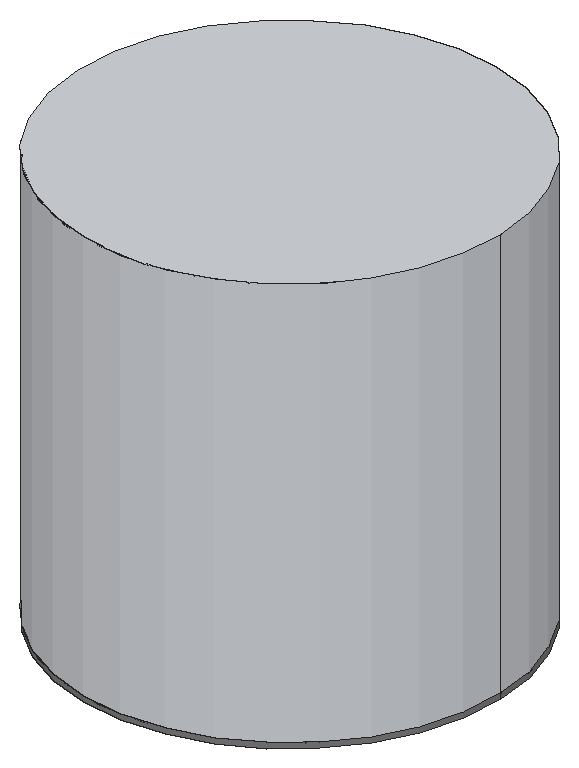
Revit family "Recessed Downlight Face Based", category Lighting Fixtures, Revit 2019 (continued)
Types (12, lengths in mm): name | Wattage | Type Comments | built-in parameter 1114217 | Photometric Web File | PRL_LTGSchedule_Output | PRL_LTGSchedule_Manufacturer | PRL_LTGSchedule_Lifetime | PRL_LTGSchedule_Installation | PRL_LTGSchedule_Description | PRL_LTGSchedule_Control | PRL_LTGSchedule_CatNo | PRL_LTGSchedule_CCT | PRL_LTGSchedule_Accessories | built-in parameter 1150142 | Manufacturer | Lumens | built-in parameter 1150105 | built-in parameter 1150106 | Description
  D3.2 Panos Infinity 32W Gib | 17.6516 W | "D3.2" | 0.8 (stored number, unit not read) | "DOT9738C-30-A930.IES" | "" | "" | "" | "" | "" | "" | "" | "" | "" | "IESNA:LM-63-2002\r\n[TEST] Test report No. LL17053\r\n[TESTLAB] LightLab International \r\n[ISSUEDATE] Monday, 21 October 2013 1:37:49 PM\r\n[MANUFAC] Nimbus Lighting Group Ltd.,\r\n[MORE] Auckland. 1061. New Zealand.\r\n[LUMCAT] DOT9738C/30/A930.\r\n[LUMINAIRE] Nimbus Lighting LED Downlight. \r\n[MORE] Aluminium radially finned heat sink, 137 mm dia. x 80 mm deep, black finish.\r\n[MORE] White fascia with twist-lock ceiling plate, connected to heat sink by two black plastic arms.\r\n[MORE] One “CREE CXA” LED 92 mm above L/O of 120 mm. Wide-beam multi-faceted textured reflector.\r\n[MORE] One Remote Tridonic LCI 20W 350mA TEC SR LED driver 220-240 V 50/60 Hz.\r\n[MORE] Tested at 240 V / 50 Hz.\r\n[OTHER] Absolute test - lamp lumens value set to -1\r\n[MORE] NA conventions used for C0 plane alignment and C-plane rotation direction.\r\n[MORE] The sample was tested at a distance of 8m.\r\n[MORE] This IES file created by LightLab/LSA Report program version 3.803a.\r\nTILT=NONE\r\n1 -1 1 91 1 1 2 -0.12 -0.12 0\r\n1 1 13.583\r\n0 1 2 3 4 5 6 7 8 9 10 11 12 13 14 15 16 17 18 19 20 21 22 23 24 25 26 27 28 29 30 31 32 33 34 35 36 37 38 39 40 41 42 43 44 45 46 47 48 49 50 51 52 53 54 55 56 57 58 59 60 61 62 63 64 65 66 67 68 69 70 71 72 73 74 75 76 77 78 79 80 81 82 83 84 85 86 87 \r\n88 89 90\r\n0\r\n739.50 738.70 736.06 731.60 726.24 719.96 712.76 705.71 699.03 692.71 687.07 682.46 678.74 676.13 674.46 673.15 672.47 672.03 671.54 670.36 669.31 669.87 671.53 673.94 676.34 678.93 681.58 683.95 684.60 677.56 652.42 610.91 567.60 514.93 469.64 420.97 \r\n374.03 339.48 321.17 313.96 305.73 288.72 272.91 260.34 246.91 233.20 218.55 202.73 186.27 170.43 153.95 139.68 122.85 107.42 90.21 71.68 55.81 41.44 31.18 24.13 18.46 15.01 12.45 10.72 9.31 8.30 7.42 6.85 6.22 5.81 5.44 5.18 4.89 4.70 4.51 4.26 3.99 3.99\r\n 3.85 3.74 3.74 3.58 3.57 3.44 3.22 3.03 2.67 2.47 1.93 0.66 0.00\r\n" | "C" | 2622 lm | 208.65 (stored number, unit not read) | 2.0865 (stored number, unit not read) | ""
  D2.2 Panos Infinity 16W Gib | 13.0603 W | "D2.2" | 0.8 (stored number, unit not read) | "DOT9738C-30-A930.IES" | "16W LED\r\n1940 lm" | "Zumtobel" | "5 years" | "Recessed in Plaster/Gib Ceiling" | "Recessed 100mm deep down-light with white trim, CRI = 90+ LEDs, smooth optic, IP54 transparent attachment." | "Fixed output ECG" | "Panos Infinity\r\nE200 LG LED" | "4000K\r\nCRI=90+" | "" | "IESNA:LM-63-2002\r\n[TEST] Test report No. LL17053\r\n[TESTLAB] LightLab International \r\n[ISSUEDATE] Monday, 21 October 2013 1:37:49 PM\r\n[MANUFAC] Nimbus Lighting Group Ltd.,\r\n[MORE] Auckland. 1061. New Zealand.\r\n[LUMCAT] DOT9738C/30/A930.\r\n[LUMINAIRE] Nimbus Lighting LED Downlight. \r\n[MORE] Aluminium radially finned heat sink, 137 mm dia. x 80 mm deep, black finish.\r\n[MORE] White fascia with twist-lock ceiling plate, connected to heat sink by two black plastic arms.\r\n[MORE] One “CREE CXA” LED 92 mm above L/O of 120 mm. Wide-beam multi-faceted textured reflector.\r\n[MORE] One Remote Tridonic LCI 20W 350mA TEC SR LED driver 220-240 V 50/60 Hz.\r\n[MORE] Tested at 240 V / 50 Hz.\r\n[OTHER] Absolute test - lamp lumens value set to -1\r\n[MORE] NA conventions used for C0 plane alignment and C-plane rotation direction.\r\n[MORE] The sample was tested at a distance of 8m.\r\n[MORE] This IES file created by LightLab/LSA Report program version 3.803a.\r\nTILT=NONE\r\n1 -1 1 91 1 1 2 -0.12 -0.12 0\r\n1 1 13.583\r\n0 1 2 3 4 5 6 7 8 9 10 11 12 13 14 15 16 17 18 19 20 21 22 23 24 25 26 27 28 29 30 31 32 33 34 35 36 37 38 39 40 41 42 43 44 45 46 47 48 49 50 51 52 53 54 55 56 57 58 59 60 61 62 63 64 65 66 67 68 69 70 71 72 73 74 75 76 77 78 79 80 81 82 83 84 85 86 87 \r\n88 89 90\r\n0\r\n739.50 738.70 736.06 731.60 726.24 719.96 712.76 705.71 699.03 692.71 687.07 682.46 678.74 676.13 674.46 673.15 672.47 672.03 671.54 670.36 669.31 669.87 671.53 673.94 676.34 678.93 681.58 683.95 684.60 677.56 652.42 610.91 567.60 514.93 469.64 420.97 \r\n374.03 339.48 321.17 313.96 305.73 288.72 272.91 260.34 246.91 233.20 218.55 202.73 186.27 170.43 153.95 139.68 122.85 107.42 90.21 71.68 55.81 41.44 31.18 24.13 18.46 15.01 12.45 10.72 9.31 8.30 7.42 6.85 6.22 5.81 5.44 5.18 4.89 4.70 4.51 4.26 3.99 3.99\r\n 3.85 3.74 3.74 3.58 3.57 3.44 3.22 3.03 2.67 2.47 1.93 0.66 0.00\r\n" | "" | 1940 lm | 154.38 (stored number, unit not read) | 1.5438 (stored number, unit not read) | ""
  D2.1 Panos Infinity 16W T-Rail | 13.0603 W | "D2.1" | 0.8 (stored number, unit not read) | "DOT9738C-30-A930.IES" | "" | "" | "" | "" | "" | "" | "" | "" | "" | "IESNA:LM-63-2002\r\n[TEST] Test report No. LL17053\r\n[TESTLAB] LightLab International \r\n[ISSUEDATE] Monday, 21 October 2013 1:37:49 PM\r\n[MANUFAC] Nimbus Lighting Group Ltd.,\r\n[MORE] Auckland. 1061. New Zealand.\r\n[LUMCAT] DOT9738C/30/A930.\r\n[LUMINAIRE] Nimbus Lighting LED Downlight. \r\n[MORE] Aluminium radially finned heat sink, 137 mm dia. x 80 mm deep, black finish.\r\n[MORE] White fascia with twist-lock ceiling plate, connected to heat sink by two black plastic arms.\r\n[MORE] One “CREE CXA” LED 92 mm above L/O of 120 mm. Wide-beam multi-faceted textured reflector.\r\n[MORE] One Remote Tridonic LCI 20W 350mA TEC SR LED driver 220-240 V 50/60 Hz.\r\n[MORE] Tested at 240 V / 50 Hz.\r\n[OTHER] Absolute test - lamp lumens value set to -1\r\n[MORE] NA conventions used for C0 plane alignment and C-plane rotation direction.\r\n[MORE] The sample was tested at a distance of 8m.\r\n[MORE] This IES file created by LightLab/LSA Report program version 3.803a.\r\nTILT=NONE\r\n1 -1 1 91 1 1 2 -0.12 -0.12 0\r\n1 1 13.583\r\n0 1 2 3 4 5 6 7 8 9 10 11 12 13 14 15 16 17 18 19 20 21 22 23 24 25 26 27 28 29 30 31 32 33 34 35 36 37 38 39 40 41 42 43 44 45 46 47 48 49 50 51 52 53 54 55 56 57 58 59 60 61 62 63 64 65 66 67 68 69 70 71 72 73 74 75 76 77 78 79 80 81 82 83 84 85 86 87 \r\n88 89 90\r\n0\r\n739.50 738.70 736.06 731.60 726.24 719.96 712.76 705.71 699.03 692.71 687.07 682.46 678.74 676.13 674.46 673.15 672.47 672.03 671.54 670.36 669.31 669.87 671.53 673.94 676.34 678.93 681.58 683.95 684.60 677.56 652.42 610.91 567.60 514.93 469.64 420.97 \r\n374.03 339.48 321.17 313.96 305.73 288.72 272.91 260.34 246.91 233.20 218.55 202.73 186.27 170.43 153.95 139.68 122.85 107.42 90.21 71.68 55.81 41.44 31.18 24.13 18.46 15.01 12.45 10.72 9.31 8.30 7.42 6.85 6.22 5.81 5.44 5.18 4.89 4.70 4.51 4.26 3.99 3.99\r\n 3.85 3.74 3.74 3.58 3.57 3.44 3.22 3.03 2.67 2.47 1.93 0.66 0.00\r\n" | "" | 1940 lm | 154.38 (stored number, unit not read) | 1.5438 (stored number, unit not read) | ""
  S2.5 Touch Maxi LED Ixpoint mount Black | 8.65749 W | "S2.5" | 0.95 (stored number, unit not read) | "DOT9738C-30-A930.IES" | "" | "" | "" | "" | "" | "" | "" | "" | "" | "IESNA:LM-63-2002\r\n[TEST] Test report No. LL17053\r\n[TESTLAB] LightLab International \r\n[ISSUEDATE] Monday, 21 October 2013 1:37:49 PM\r\n[MANUFAC] Nimbus Lighting Group Ltd.,\r\n[MORE] Auckland. 1061. New Zealand.\r\n[LUMCAT] DOT9738C/30/A930.\r\n[LUMINAIRE] Nimbus Lighting LED Downlight. \r\n[MORE] Aluminium radially finned heat sink, 137 mm dia. x 80 mm deep, black finish.\r\n[MORE] White fascia with twist-lock ceiling plate, connected to heat sink by two black plastic arms.\r\n[MORE] One “CREE CXA” LED 92 mm above L/O of 120 mm. Wide-beam multi-faceted textured reflector.\r\n[MORE] One Remote Tridonic LCI 20W 350mA TEC SR LED driver 220-240 V 50/60 Hz.\r\n[MORE] Tested at 240 V / 50 Hz.\r\n[OTHER] Absolute test - lamp lumens value set to -1\r\n[MORE] NA conventions used for C0 plane alignment and C-plane rotation direction.\r\n[MORE] The sample was tested at a distance of 8m.\r\n[MORE] This IES file created by LightLab/LSA Report program version 3.803a.\r\nTILT=NONE\r\n1 -1 1 91 1 1 2 -0.12 -0.12 0\r\n1 1 13.583\r\n0 1 2 3 4 5 6 7 8 9 10 11 12 13 14 15 16 17 18 19 20 21 22 23 24 25 26 27 28 29 30 31 32 33 34 35 36 37 38 39 40 41 42 43 44 45 46 47 48 49 50 51 52 53 54 55 56 57 58 59 60 61 62 63 64 65 66 67 68 69 70 71 72 73 74 75 76 77 78 79 80 81 82 83 84 85 86 87 \r\n88 89 90\r\n0\r\n739.50 738.70 736.06 731.60 726.24 719.96 712.76 705.71 699.03 692.71 687.07 682.46 678.74 676.13 674.46 673.15 672.47 672.03 671.54 670.36 669.31 669.87 671.53 673.94 676.34 678.93 681.58 683.95 684.60 677.56 652.42 610.91 567.60 514.93 469.64 420.97 \r\n374.03 339.48 321.17 313.96 305.73 288.72 272.91 260.34 246.91 233.20 218.55 202.73 186.27 170.43 153.95 139.68 122.85 107.42 90.21 71.68 55.81 41.44 31.18 24.13 18.46 15.01 12.45 10.72 9.31 8.30 7.42 6.85 6.22 5.81 5.44 5.18 4.89 4.70 4.51 4.26 3.99 3.99\r\n 3.85 3.74 3.74 3.58 3.57 3.44 3.22 3.03 2.67 2.47 1.93 0.66 0.00\r\n" | "" | 1286 lm | 102.34 (stored number, unit not read) | 1.0234 (stored number, unit not read) | ""
  S1.5 Touch Maxi LED Ixpoint mount White | 8.65749 W | "S1.5" | 0.95 (stored number, unit not read) | "DOT9738C-30-A930.IES" | "" | "" | "" | "" | "" | "" | "" | "" | "" | "IESNA:LM-63-2002\r\n[TEST] Test report No. LL17053\r\n[TESTLAB] LightLab International \r\n[ISSUEDATE] Monday, 21 October 2013 1:37:49 PM\r\n[MANUFAC] Nimbus Lighting Group Ltd.,\r\n[MORE] Auckland. 1061. New Zealand.\r\n[LUMCAT] DOT9738C/30/A930.\r\n[LUMINAIRE] Nimbus Lighting LED Downlight. \r\n[MORE] Aluminium radially finned heat sink, 137 mm dia. x 80 mm deep, black finish.\r\n[MORE] White fascia with twist-lock ceiling plate, connected to heat sink by two black plastic arms.\r\n[MORE] One “CREE CXA” LED 92 mm above L/O of 120 mm. Wide-beam multi-faceted textured reflector.\r\n[MORE] One Remote Tridonic LCI 20W 350mA TEC SR LED driver 220-240 V 50/60 Hz.\r\n[MORE] Tested at 240 V / 50 Hz.\r\n[OTHER] Absolute test - lamp lumens value set to -1\r\n[MORE] NA conventions used for C0 plane alignment and C-plane rotation direction.\r\n[MORE] The sample was tested at a distance of 8m.\r\n[MORE] This IES file created by LightLab/LSA Report program version 3.803a.\r\nTILT=NONE\r\n1 -1 1 91 1 1 2 -0.12 -0.12 0\r\n1 1 13.583\r\n0 1 2 3 4 5 6 7 8 9 10 11 12 13 14 15 16 17 18 19 20 21 22 23 24 25 26 27 28 29 30 31 32 33 34 35 36 37 38 39 40 41 42 43 44 45 46 47 48 49 50 51 52 53 54 55 56 57 58 59 60 61 62 63 64 65 66 67 68 69 70 71 72 73 74 75 76 77 78 79 80 81 82 83 84 85 86 87 \r\n88 89 90\r\n0\r\n739.50 738.70 736.06 731.60 726.24 719.96 712.76 705.71 699.03 692.71 687.07 682.46 678.74 676.13 674.46 673.15 672.47 672.03 671.54 670.36 669.31 669.87 671.53 673.94 676.34 678.93 681.58 683.95 684.60 677.56 652.42 610.91 567.60 514.93 469.64 420.97 \r\n374.03 339.48 321.17 313.96 305.73 288.72 272.91 260.34 246.91 233.20 218.55 202.73 186.27 170.43 153.95 139.68 122.85 107.42 90.21 71.68 55.81 41.44 31.18 24.13 18.46 15.01 12.45 10.72 9.31 8.30 7.42 6.85 6.22 5.81 5.44 5.18 4.89 4.70 4.51 4.26 3.99 3.99\r\n 3.85 3.74 3.74 3.58 3.57 3.44 3.22 3.03 2.67 2.47 1.93 0.66 0.00\r\n" | "" | 1286 lm | 102.34 (stored number, unit not read) | 1.0234 (stored number, unit not read) | ""
